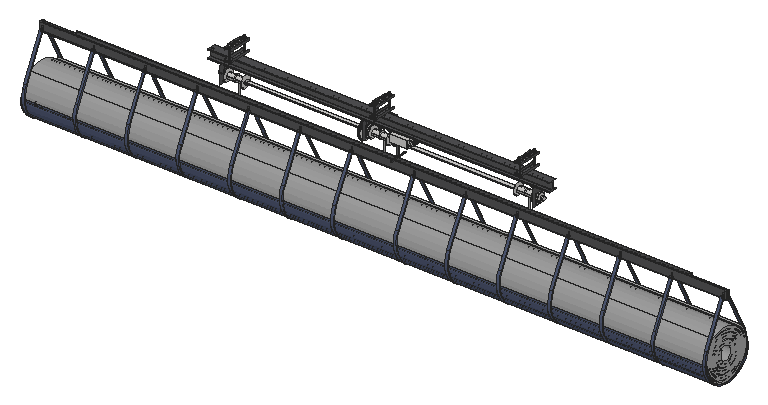
Revit family "Wrestling_Mat_Storage-PSS-4090", category Specialty Equipment, Revit 2017
Family settings
  Round Connector Dimension = Use Diameter
  Part Type = Normal
  OmniClass Number = 23.40.50.34.34
  OmniClass Title = Equipment Storage Racks
  Work Plane-Based = No
  Always vertical = Yes
  Cut with Voids When Loaded = No
  Shared = No
  Room Calculation Point = No
Parameters (values of type "4090 - Single Sling")
  Wall Mounted = no
  URL = "http://www.perfsports.com/"
  Superstructure Finish = Powder Coat - Performance Sports Systems - Black
  Structure Mounted = not(Wall Mounted)  # yes
  Sling Material = Vinyl Coated Fabric - Performance Sports Systems - C04 Royal Blue
  Show Lower Sling = no
  Mat Length = 40' - 0"
  Mat Color = Generic - Wrestling Mat
  Product Page URL = "https://www.perfsports.com/products/stationary-mat-storage-system-40-single-load-bar"
  Model = "4090"
  Manufacturer = "Performance Sports Systems"  # constant formula
  Length = 40' - 2 3/4"
  Description = "Wrestling Mat Storage System"
  Created By = "Revitus"  # constant formula
  Creator URL = "http://www.revituspro.com/"
  BIM Version = "v3.2"
  CSI MasterFormat = "11 66 23"
  Assembly Code = "E1020900"
  Attachment Height [instance] = 24' - 6"
Reference planes (in)
  plane 1 "Centerline of Drive Shaft (Front/Back)": y = 0
  plane 2: z = 0
  plane 3 "Center (Left/Right)": x = 0
  plane 4 "Left": x = -241.375
  plane 5 "Right": x = 241.375
  plane 6: x = -239.375
  plane 7: x = 239.375
  plane 8 "Top of Load Bar": z = 257.875
  plane 9: x = -216.125
  plane 10: x = 216.125
  plane 11 "Centerline of Curtain Roller (Top/Bottom)": z = 271.375
  plane 12 "Bottom of Structure": z = 294
  plane 13 "Bottom of Load Bar": z = 251.875
  plane 14: x = -120
  plane 15: x = 120
  plane 16 "Left Carrier Centerline (Left/Right)": x = -102
  plane 17 "Right Carrier Centerline (Left/Right)": x = 102
  plane 18: y = 3
  plane 19: y = 1
  plane 20 "Drive Shaft - Left": x = -114
  plane 21 "Drive Shaft - Right": x = 114
  plane 22 "Edge of Mat - Left": x = -240
  plane 23 "Edge of Mat - Right": x = 240
  plane 24: z = 199.375
  plane 25 "Centerline of Mat (Top/Bottom)": z = 217.375
  plane 26: z = 259.875
  plane 27: y = 2.25
  plane 28: y = 1.75
  plane 29 "Center (Front/Back)": y = 2
  plane 30 "Back": y = 20
  plane 31 "Front": y = -16
  plane 32: x = -22
  plane 33: z = 175.375
  plane 34: x = -203.14583
  plane 35: x = -166.91667
  plane 36: x = -130.6875
  plane 37: x = -94.45833
  plane 38: x = -58.22917
  plane 39: x = 22
  plane 40: x = 203.14583
  plane 41: x = 166.91667
  plane 42: x = 130.6875
  plane 43: x = 94.45833
  plane 44: x = 58.22917
  plane 45 "Wall Face": y = -30.25
Forms (in)
  Extrusion 1, solid, material "Powder Coat - Performance Sports Systems - Black" <- "Superstructure Finish"
    sketch origin (0, 0, 117) x (0, 1, 0) y (0, 0, 1)
      loop
        arc (3, 140.5) -> (2.89017, 140.76517) -> (2.625, 140.875) r 0.375
        line (2.625, 140.875) -> (1.375, 140.875)
        arc (1.375, 140.875) -> (1.10983, 140.76517) -> (1, 140.5) r 0.375
        line (1, 140.5) -> (1, 135.25)
        arc (1, 135.25) -> (1.10983, 134.98483) -> (1.375, 134.875) r 0.375
        line (1.375, 134.875) -> (2.625, 134.875)
        arc (2.625, 134.875) -> (2.89017, 134.98483) -> (3, 135.25) r 0.375
        line (3, 135.25) -> (3, 140.5)
      loop
        arc (2.8125, 140.5) -> (2.75758, 140.63258) -> (2.625, 140.6875) r 0.1875
        line (2.625, 140.6875) -> (1.375, 140.6875)
        arc (1.375, 140.6875) -> (1.24242, 140.63258) -> (1.1875, 140.5) r 0.1875
        line (1.1875, 140.5) -> (1.1875, 135.25)
        arc (1.1875, 135.25) -> (1.24242, 135.11742) -> (1.375, 135.0625) r 0.1875
        line (1.375, 135.0625) -> (2.625, 135.0625)
        arc (2.625, 135.0625) -> (2.75758, 135.11742) -> (2.8125, 135.25) r 0.1875
        line (2.8125, 135.25) -> (2.8125, 140.5)
    from -241.375 to 241.375
  Extrusion 2, solid, material "Metal - Performance Sports Systems - Gray Steel"
    sketch origin (0, 0, 0) x (0, 1, 0) y (0, 0, 1)
      loop
        circle (0, 271.375) r 1
    from -114 to 114
  Extrusion 3, solid, material "Powder Coat - Performance Sports Systems - Black" <- "Superstructure Finish", detail levels medium+fine
    sketch origin (0, 0, 0) x (0, 1, 0) y (0, 0, 1)
      loop
        line (-3, 285) -> (-3, 284.5625) -> (-0.40625, 284.5625)
        arc (-0.40625, 284.5625) -> (-0.22947, 284.48928) -> (-0.15625, 284.3125) r 0.25
        line (-0.15625, 284.3125) -> (-0.15625, 279.3125)
        arc (-0.15625, 279.3125) -> (-0.22947, 279.13572) -> (-0.40625, 279.0625) r 0.25
        line (-0.40625, 279.0625) -> (-3, 279.0625) -> (-3, 278.625) -> (3, 278.625) -> (3, 279.0625) -> (0.40625, 279.0625)
        arc (0.40625, 279.0625) -> (0.22947, 279.13572) -> (0.15625, 279.3125) r 0.25
        line (0.15625, 279.3125) -> (0.15625, 284.3125)
        arc (0.15625, 284.3125) -> (0.22947, 284.48928) -> (0.40625, 284.5625) r 0.25
        line (0.40625, 284.5625) -> (3, 284.5625) -> (3, 285) -> (-3, 285)
    from -120 to 120
  Extrusion 4, solid, material "Powder Coat - Performance Sports Systems - Black" <- "Superstructure Finish"
    sketch origin (0, 0, 0) x (0, 1, 0) y (0, 0, 1)
      loop
        line (2.25, 257.875) -> (2.25, 259.875) -> (1.75, 259.875) -> (1.75, 257.875) -> (2.25, 257.875)
    from -216.125 to 216.125
  Extrusion 5, solid, material "Generic - Wrestling Mat" <- "Mat Color"
    sketch origin (0, 0, 0) x (0, 1, 0) y (0, 0, 1)
      loop
        arc (-2.24264, 221.61764) -> (2, 211.375) -> (6.24264, 221.61764) r 6
        arc (6.24264, 221.61764) -> (1.5286, 223.97466) -> (-3.65685, 223.03185) r 8.33333
        arc (-3.65685, 223.03185) -> (2, 209.375) -> (7.65685, 223.03185) r 8
        arc (7.65685, 223.03185) -> (1.7971, 225.97427) -> (-4.66009, 224.83443) r 10.42105
        arc (-4.66009, 224.83443) -> (1.71728, 207.379) -> (9.07107, 224.44607) r 10
        arc (9.07107, 224.44607) -> (1.97061, 227.96962) -> (-5.81506, 226.4813) r 12.42105
        arc (-5.81506, 226.4813) -> (1.54315, 205.3837) -> (10.48528, 225.86028) r 12
        arc (10.48528, 225.86028) -> (2.14446, 229.96412) -> (-6.9677, 228.12583) r 14.42105
        arc (-6.9677, 228.12583) -> (1.36892, 203.38923) -> (11.89949, 227.27449) r 14
        arc (11.89949, 227.27449) -> (2.31851, 231.95809) -> (-8.11886, 229.7689) r 16.42105
        arc (-8.11886, 229.7689) -> (1.19463, 201.39528) -> (13.31371, 228.68871) r 16
        arc (13.31371, 228.68871) -> (2.49269, 233.95171) -> (-9.26904, 231.41098) r 18.42105
        arc (-9.26904, 231.41098) -> (1.02029, 199.40168) -> (14.72792, 230.10292) r 18
        line (14.72792, 230.10292) -> (13.84404, 229.21904)
        arc (13.84404, 229.21904) -> (1.12926, 200.64765) -> (-8.55027, 230.38477) r 16.75
        arc (-8.55027, 230.38477) -> (2.38382, 232.70573) -> (12.42983, 227.80483) r 17.17105
        arc (12.42983, 227.80483) -> (1.30357, 202.64145) -> (-7.39952, 228.74212) r 14.75
        arc (-7.39952, 228.74212) -> (2.20971, 230.71191) -> (11.01561, 226.39061) r 15.17105
        arc (11.01561, 226.39061) -> (1.47782, 204.6357) -> (-6.24752, 227.09822) r 12.75
        arc (-6.24752, 227.09822) -> (2.03578, 228.71764) -> (9.6014, 224.9764) r 13.17105
        arc (9.6014, 224.9764) -> (1.65199, 206.63063) -> (-5.09356, 225.45237) r 10.75
        arc (-5.09356, 225.45237) -> (1.86211, 226.72266) -> (8.18718, 223.56218) r 11.17105
        arc (8.18718, 223.56218) -> (1.82605, 208.62673) -> (-3.93634, 223.80324) r 8.75
        arc (-3.93634, 223.80324) -> (1.68894, 224.72649) -> (6.77297, 222.14797) r 9.17105
        arc (6.77297, 222.14797) -> (2, 210.625) -> (-2.77297, 222.14797) r 6.75
        arc (-2.77297, 222.14797) -> (1.51675, 222.72806) -> (5.35876, 220.73376) r 7.17105
        arc (5.35876, 220.73376) -> (2, 212.625) -> (-1.35876, 220.73376) r 4.75
        line (-1.35876, 220.73376) -> (-2.24264, 221.61764)
    from -240 to 240
  Extrusion 6, solid, material "Vinyl Coated Fabric - Performance Sports Systems - C04 Royal Blue" <- "Sling Material"
    sketch origin (0, 0, 0) x (0, 1, 0) y (0, 0, 1)
      loop
        line (-16, 217.375) -> (-16.125, 217.375)
        arc (-16.125, 217.375) -> (2, 199.25) -> (20.125, 217.375) r 18.125
        line (20.125, 217.375) -> (20, 217.375)
        arc (20, 217.375) -> (2, 199.375) -> (-16, 217.375) r 18
    from -241.375 to 241.375
  Extrusion 7, solid, material "Generic - Wrestling Mat" <- "Mat Color", visible <- "Show Lower Sling"
    sketch origin (0, 0, 0) x (0, 1, 0) y (0, 0, 1)
      loop
        arc (-2.24264, 179.61764) -> (2, 169.375) -> (6.24264, 179.61764) r 6
        arc (6.24264, 179.61764) -> (1.5286, 181.97466) -> (-3.65685, 181.03185) r 8.33333
        arc (-3.65685, 181.03185) -> (2, 167.375) -> (7.65685, 181.03185) r 8
        arc (7.65685, 181.03185) -> (1.7971, 183.97427) -> (-4.66009, 182.83443) r 10.42105
        arc (-4.66009, 182.83443) -> (1.71728, 165.379) -> (9.07107, 182.44607) r 10
        arc (9.07107, 182.44607) -> (1.97061, 185.96962) -> (-5.81506, 184.4813) r 12.42105
        arc (-5.81506, 184.4813) -> (1.54315, 163.3837) -> (10.48528, 183.86028) r 12
        arc (10.48528, 183.86028) -> (2.14446, 187.96412) -> (-6.9677, 186.12583) r 14.42105
        arc (-6.9677, 186.12583) -> (1.36892, 161.38923) -> (11.89949, 185.27449) r 14
        arc (11.89949, 185.27449) -> (2.31851, 189.95809) -> (-8.11886, 187.7689) r 16.42105
        arc (-8.11886, 187.7689) -> (1.19463, 159.39528) -> (13.31371, 186.68871) r 16
        arc (13.31371, 186.68871) -> (2.49269, 191.95171) -> (-9.26904, 189.41098) r 18.42105
        arc (-9.26904, 189.41098) -> (1.02029, 157.40168) -> (14.72792, 188.10292) r 18
        line (14.72792, 188.10292) -> (13.84404, 187.21904)
        arc (13.84404, 187.21904) -> (1.12926, 158.64765) -> (-8.55027, 188.38477) r 16.75
        arc (-8.55027, 188.38477) -> (2.38382, 190.70573) -> (12.42983, 185.80483) r 17.17105
        arc (12.42983, 185.80483) -> (1.30357, 160.64145) -> (-7.39952, 186.74212) r 14.75
        arc (-7.39952, 186.74212) -> (2.20971, 188.71191) -> (11.01561, 184.39061) r 15.17105
        arc (11.01561, 184.39061) -> (1.47782, 162.6357) -> (-6.24752, 185.09822) r 12.75
        arc (-6.24752, 185.09822) -> (2.03578, 186.71764) -> (9.6014, 182.9764) r 13.17105
        arc (9.6014, 182.9764) -> (1.65199, 164.63063) -> (-5.09356, 183.45237) r 10.75
        arc (-5.09356, 183.45237) -> (1.86211, 184.72266) -> (8.18718, 181.56218) r 11.17105
        arc (8.18718, 181.56218) -> (1.82605, 166.62673) -> (-3.93634, 181.80324) r 8.75
        arc (-3.93634, 181.80324) -> (1.68894, 182.72649) -> (6.77297, 180.14797) r 9.17105
        arc (6.77297, 180.14797) -> (2, 168.625) -> (-2.77297, 180.14797) r 6.75
        arc (-2.77297, 180.14797) -> (1.51675, 180.72806) -> (5.35876, 178.73376) r 7.17105
        arc (5.35876, 178.73376) -> (2, 170.625) -> (-1.35876, 178.73376) r 4.75
        line (-1.35876, 178.73376) -> (-2.24264, 179.61764)
    from -240 to 240
  Extrusion 8, solid, material "Vinyl Coated Fabric - Performance Sports Systems - C04 Royal Blue" <- "Sling Material", visible <- "Show Lower Sling"
    sketch origin (0, 0, 0) x (0, 1, 0) y (0, 0, 1)
      loop
        line (-16, 175.375) -> (-16.125, 175.375)
        arc (-16.125, 175.375) -> (2, 157.25) -> (20.125, 175.375) r 18.125
        line (20.125, 175.375) -> (20, 175.375)
        arc (20, 175.375) -> (2, 157.375) -> (-16, 175.375) r 18
    from -241.375 to 241.375
  Sweep 9, solid, material "Metal - Performance Sports Systems - Gray Steel"
    path origin (-102, 0, 0) x (0, 0, 1) y (0, -1, 0)
      loop
        line (259.875, -2) -> (271.375, -2)
        arc (271.375, -2) -> (272.78921, 1.41421) -> (269.375, 0) r 2
    profile origin (-102, -1.41421, 272.78921) x (0, 0.707107, -0.707107) y (1, 0, 0)
      loop
        circle (-0.15625, 0) r 0.15625
  Sweep 10, solid, material "Metal - Performance Sports Systems - Gray Steel"
    path origin (102, 0, 0) x (0, 0, 1) y (0, -1, 0)
      loop
        line (259.875, -2) -> (271.375, -2)
        arc (271.375, -2) -> (272.78921, 1.41421) -> (269.375, 0) r 2
    profile origin (102, -1.41421, 272.78921) x (0, -0.707107, 0.707107) y (-1, 0, 0)
      loop
        circle (-0.15625, 0) r 0.15625
  Sweep 11, solid, material "Metal - Performance Sports Systems - Gray Steel"
    path origin (0, 0, 0) x (0, 1, 0) y (0, 0, 1)
      loop
        line (2, 259.875) -> (2, 271.375)
        arc (2, 271.375) -> (-1.41421, 272.78921) -> (0, 269.375) r 2
    profile origin (0, -1.41421, 272.78921) x (0, 0.707107, -0.707107) y (1, 0, 0)
      loop
        circle (-0.15625, 0) r 0.15625
Lines and regions (in)
  symbolic lines, style "SpecialityEquipmentHiddenLines"
    curve 1: line (-241.375, 20, 0) -> (241.375, 20, 0)
    curve 2: line (-241.375, -16, 0) -> (241.375, -16, 0)
    curve 3: line (-241.375, 20, 0) -> (-241.375, -16, 0)
    curve 4: line (241.375, 20, 0) -> (241.375, -16, 0)
  model lines, style "InvisibleLines", not visible
    curve 5: line (0, 0, 259.875) -> (0, 0, 0)
Dimensions and locks (in)
  "Length": plane 4 "Left" to plane 5 "Right"
  locked: plane 4 "Left" to plane 9 at 25.25
  locked: plane 5 "Right" to plane 10 at 25.25
  equal spacing: plane 4 "Left", plane 3 "Center (Left/Right)", plane 5 "Right"
  "Attachment Height": plane 12 "Bottom of Structure" to level
  locked: plane 12 "Bottom of Structure" to plane 11 "Centerline of Curtain Roller (Top/Bottom)" at 22.625
  plane 12 "Bottom of Structure" to Extrusion 3 sketch curve to Extrusion 3 sketch curve = 0' - 9" locked, 0' - 6 3/8" locked
  plane 15 to plane 3 "Center (Left/Right)" to plane 14 = 10' - 0" locked, 10' - 0" locked
  locked: plane 16 "Left Carrier Centerline (Left/Right)" to plane 14 at 18
  locked: plane 17 "Right Carrier Centerline (Left/Right)" to plane 15 at 18
  plane 18 to plane 19 to plane 1 "Centerline of Drive Shaft (Front/Back)" = 0' - 2" locked, 0' - 1" locked
  locked: plane 8 "Top of Load Bar" to plane 13 "Bottom of Load Bar" at 6
  locked: plane 20 "Drive Shaft - Left" to plane 14 at 6
  locked: plane 21 "Drive Shaft - Right" to plane 15 at 6
  equal spacing: plane 22 "Edge of Mat - Left", plane 3 "Center (Left/Right)", plane 23 "Edge of Mat - Right"
  plane 11 "Centerline of Curtain Roller (Top/Bottom)" to plane 24 = 6' - 0"
  locked: plane 25 "Centerline of Mat (Top/Bottom)" to plane 24 at 18
  locked: plane 13 "Bottom of Load Bar" to plane 24 at 52.5
  locked: plane 26 to plane 8 "Top of Load Bar" at 2
  plane 18 to plane 27 to plane 28 = 0' - 0 3/4" locked, 0' - 0 1/2" locked
  locked: plane 6 to plane 4 "Left" at 2
  locked: plane 5 "Right" to plane 7 at 2
  locked: plane 29 "Center (Front/Back)" to plane 1 "Centerline of Drive Shaft (Front/Back)" at 2
  plane 30 "Back" to plane 29 "Center (Front/Back)" to plane 31 "Front" = 1' - 6" locked, 1' - 6" locked
  plane 39 to plane 3 "Center (Left/Right)" to plane 32 = 1' - 10" locked, 1' - 10" locked
  locked: plane 25 "Centerline of Mat (Top/Bottom)" to plane 33 at 42
  equal spacing: plane 32, plane 38, plane 37, plane 36, plane 35, plane 34, plane 6
  equal spacing: plane 39, plane 44, plane 43, plane 42, plane 41, plane 40, plane 7
  "Mat Length": plane 23 "Edge of Mat - Right" to plane 22 "Edge of Mat - Left"
  plane 12 "Bottom of Structure" to plane 24 = 7' - 10 5/8"
  locked: plane 29 "Center (Front/Back)" to plane 45 "Wall Face" at 32.25
  aligned and locked: level to plane 2
  aligned and locked: level to curve 5
  aligned and locked: plane 4 "Left" to curve 3
  aligned and locked: curve 4 to plane 5 "Right"
  aligned and locked: plane 5 "Right" to Extrusion 1
  aligned and locked: plane 4 "Left" to Extrusion 1
  aligned: plane 5 "Right" to Extrusion 2
  aligned: plane 5 "Right" to Extrusion 3
  aligned and locked: plane 11 "Centerline of Curtain Roller (Top/Bottom)" to nested 1
  aligned and locked: plane 1 "Centerline of Drive Shaft (Front/Back)" to nested 1
  aligned and locked: Extrusion 3 to plane 14
  aligned and locked: Extrusion 3 to plane 15
  aligned and locked: plane 16 "Left Carrier Centerline (Left/Right)" to nested 1
  aligned and locked: Extrusion 2 to plane 20 "Drive Shaft - Left"
  aligned and locked: Extrusion 2 to plane 21 "Drive Shaft - Right"
  aligned and locked: nested 2 to plane 11 "Centerline of Curtain Roller (Top/Bottom)"
  aligned and locked: nested 2 to plane 17 "Right Carrier Centerline (Left/Right)"
  aligned and locked: nested 2 to plane 1 "Centerline of Drive Shaft (Front/Back)"
  aligned and locked: plane 11 "Centerline of Curtain Roller (Top/Bottom)" to nested 3
  aligned and locked: plane 3 "Center (Left/Right)" to nested 3
  aligned and locked: plane 1 "Centerline of Drive Shaft (Front/Back)" to nested 3
  aligned and locked: plane 18 to Extrusion 1 sketch curve
  aligned and locked: plane 8 "Top of Load Bar" to Extrusion 1 sketch curve
  aligned and locked: plane 13 "Bottom of Load Bar" to Extrusion 1 sketch curve
  aligned and locked: Extrusion 1 sketch curve to plane 19
  aligned and locked: plane 27 to Extrusion 4 sketch curve
  aligned and locked: plane 28 to Extrusion 4 sketch curve
  aligned and locked: plane 8 "Top of Load Bar" to Extrusion 4 sketch curve
  aligned and locked: plane 26 to Extrusion 4 sketch curve
  aligned and locked: Extrusion 4 to plane 9
  aligned and locked: Extrusion 4 to plane 10
  aligned and locked: Extrusion 5 to plane 22 "Edge of Mat - Left"
  aligned and locked: Extrusion 5 to plane 23 "Edge of Mat - Right"
  aligned and locked: plane 4 "Left" to Extrusion 6
  aligned and locked: plane 5 "Right" to Extrusion 6
  aligned and locked: plane 25 "Centerline of Mat (Top/Bottom)" to Extrusion 6 sketch curve
  aligned and locked: curve 1 to plane 30 "Back"
  aligned and locked: plane 31 "Front" to curve 2
  aligned and locked: plane 25 "Centerline of Mat (Top/Bottom)" to nested 4
  aligned and locked: plane 29 "Center (Front/Back)" to nested 4
  aligned and locked: plane 6 to nested 4
  aligned and locked: Extrusion 8 sketch curve to plane 33  (x2)
  aligned and locked: plane 32 to nested 10
  aligned and locked: plane 38 to nested 9
  aligned and locked: plane 37 to nested 8
  aligned and locked: plane 36 to nested 7
  aligned and locked: plane 35 to nested 6
  aligned and locked: plane 34 to nested 5
  aligned and locked: plane 25 "Centerline of Mat (Top/Bottom)" to nested 5
  aligned and locked: plane 25 "Centerline of Mat (Top/Bottom)" to nested 6
  aligned and locked: plane 25 "Centerline of Mat (Top/Bottom)" to nested 7
  aligned and locked: plane 25 "Centerline of Mat (Top/Bottom)" to nested 8
  aligned and locked: plane 25 "Centerline of Mat (Top/Bottom)" to nested 9
  aligned and locked: plane 25 "Centerline of Mat (Top/Bottom)" to nested 10
  aligned and locked: plane 29 "Center (Front/Back)" to nested 5
  aligned and locked: plane 29 "Center (Front/Back)" to nested 6
  aligned and locked: plane 29 "Center (Front/Back)" to nested 7
  aligned and locked: plane 29 "Center (Front/Back)" to nested 8
  aligned and locked: plane 29 "Center (Front/Back)" to nested 9
  aligned and locked: plane 29 "Center (Front/Back)" to nested 10
  aligned and locked: plane 25 "Centerline of Mat (Top/Bottom)" to nested 11
  aligned and locked: plane 25 "Centerline of Mat (Top/Bottom)" to nested 12
  aligned and locked: plane 25 "Centerline of Mat (Top/Bottom)" to nested 13
  aligned and locked: plane 25 "Centerline of Mat (Top/Bottom)" to nested 14
  aligned and locked: plane 25 "Centerline of Mat (Top/Bottom)" to nested 15
  aligned and locked: plane 25 "Centerline of Mat (Top/Bottom)" to nested 16
  aligned and locked: plane 25 "Centerline of Mat (Top/Bottom)" to nested 17
  aligned and locked: plane 29 "Center (Front/Back)" to nested 11
  aligned and locked: plane 29 "Center (Front/Back)" to nested 12
  aligned and locked: plane 29 "Center (Front/Back)" to nested 13
  aligned and locked: plane 29 "Center (Front/Back)" to nested 14
  aligned and locked: plane 29 "Center (Front/Back)" to nested 15
  aligned and locked: plane 29 "Center (Front/Back)" to nested 16
  aligned and locked: plane 29 "Center (Front/Back)" to nested 17
  aligned and locked: nested 11 to plane 39
  aligned and locked: nested 12 to plane 44
  aligned and locked: nested 13 to plane 43
  aligned and locked: nested 14 to plane 42
  aligned and locked: nested 15 to plane 41
  aligned and locked: nested 16 to plane 40
  aligned and locked: nested 17 to plane 7
  aligned and locked: plane 4 "Left" to Extrusion 8
  aligned and locked: Extrusion 7 to plane 22 "Edge of Mat - Left"
  aligned and locked: plane 5 "Right" to Extrusion 8
  aligned and locked: Extrusion 7 to plane 23 "Edge of Mat - Right"
  aligned and locked: Sweep 9 sketch curve to nested 4
  aligned and locked: plane 26 to Sweep 9 sketch curve
  aligned and locked: Sweep 10 sketch curve to plane 29 "Center (Front/Back)"
  aligned and locked: plane 26 to Sweep 10 sketch curve
  aligned and locked: plane 1 "Centerline of Drive Shaft (Front/Back)" to Sweep 10 sketch curve
  aligned and locked: Sweep 11 sketch curve to plane 29 "Center (Front/Back)"
  aligned and locked: plane 26 to Sweep 11 sketch curve
  aligned and locked: plane 1 "Centerline of Drive Shaft (Front/Back)" to Sweep 11 sketch curve
  aligned and locked: plane 11 "Centerline of Curtain Roller (Top/Bottom)" to nested 18
  aligned and locked: plane 1 "Centerline of Drive Shaft (Front/Back)" to nested 18
  aligned and locked: plane 1 "Centerline of Drive Shaft (Front/Back)" to nested 20
  aligned and locked: plane 1 "Centerline of Drive Shaft (Front/Back)" to nested 19
  aligned and locked: plane 11 "Centerline of Curtain Roller (Top/Bottom)" to nested 20
  aligned and locked: plane 11 "Centerline of Curtain Roller (Top/Bottom)" to nested 19
  aligned and locked: plane 16 "Left Carrier Centerline (Left/Right)" to nested 19
  aligned and locked: plane 3 "Center (Left/Right)" to nested 20
  aligned and locked: nested 18 to plane 17 "Right Carrier Centerline (Left/Right)"
Automatic sketch dimensions
  curve 5 to plane 3 "Center (Left/Right)" = 0' - 0"
  curve 5 to plane 26 = 0' - 0"
  Extrusion 1 sketch curve to Extrusion 1 sketch curve = 0' - 0"  (x8)
  plane 19 to Extrusion 1 sketch curve = 0' - 0 3/16"
  Extrusion 1 sketch curve to Extrusion 1 sketch curve = 0' - 0 3/16"  (x2)
  plane 18 to Extrusion 1 sketch curve = 0' - 0 3/8"  (x2)
  Extrusion 2 sketch curve to plane 1 "Centerline of Drive Shaft (Front/Back)" = 0' - 0"
  Extrusion 2 sketch curve to plane 11 "Centerline of Curtain Roller (Top/Bottom)" = 0' - 0"
  Extrusion 3 sketch curve to plane 18 = 0' - 0"  (x2)
  Extrusion 3 sketch curve to plane 1 "Centerline of Drive Shaft (Front/Back)" = 0' - 0 13/32"  (x2)
  Extrusion 3 sketch curve to plane 1 "Centerline of Drive Shaft (Front/Back)" = 0' - 0 5/32"
  plane 1 "Centerline of Drive Shaft (Front/Back)" to Extrusion 3 sketch curve = 0' - 0 5/32"
  Extrusion 3 sketch curve to Extrusion 3 sketch curve = 0' - 0 1/4"  (x2)
  Extrusion 3 sketch curve to Extrusion 3 sketch curve = 0' - 2 19/32"  (x2)
  Extrusion 3 sketch curve to Extrusion 3 sketch curve = 0' - 0 7/16"  (x2)
  Extrusion 3 sketch curve to Extrusion 3 sketch curve = 0' - 0 11/16"
  Extrusion 3 sketch curve to Extrusion 3 sketch curve = 0' - 0"
  Extrusion 5 sketch curve to Extrusion 5 sketch curve = 0' - 0"  (x304)
  Extrusion 5 sketch curve to plane 25 "Centerline of Mat (Top/Bottom)" = 0' - 0"
  Extrusion 5 sketch curve to plane 29 "Center (Front/Back)" = 0' - 0"
  Extrusion 5 sketch curve to plane 1 "Centerline of Drive Shaft (Front/Back)" = 0' - 0.35008"
  Extrusion 5 sketch curve to Extrusion 5 sketch curve = 0' - 0.06203"
  plane 1 "Centerline of Drive Shaft (Front/Back)" to Extrusion 5 sketch curve = 0' - 1.35876"
  Extrusion 5 sketch curve to Extrusion 5 sketch curve = 0' - 0.88388"  (x4)
  Extrusion 5 sketch curve to Extrusion 5 sketch curve = 0' - 0.53033"  (x4)
  Extrusion 5 sketch curve to Extrusion 5 sketch curve = 0' - 0.27949"
  Extrusion 5 sketch curve to Extrusion 5 sketch curve = 0' - 0.72375"
  Extrusion 5 sketch curve to Extrusion 5 sketch curve = 0' - 0.43347"
  Extrusion 5 sketch curve to Extrusion 5 sketch curve = 0' - 0.7215"
  Extrusion 5 sketch curve to Extrusion 5 sketch curve = 0' - 0.43245"
  Extrusion 5 sketch curve to Extrusion 5 sketch curve = 0' - 0.72018"
  Extrusion 5 sketch curve to Extrusion 5 sketch curve = 0' - 0.43183"
  Extrusion 5 sketch curve to Extrusion 5 sketch curve = 0' - 0.71934"
  Extrusion 5 sketch curve to Extrusion 5 sketch curve = 0' - 0.43141"
  Extrusion 5 sketch curve to Extrusion 5 sketch curve = 0' - 0 23/32"
  Extrusion 5 sketch curve to plane 18 = 0' - 2.35876"
  Extrusion 6 sketch curve to Extrusion 6 sketch curve = 0' - 0"  (x2)
  Extrusion 6 sketch curve to plane 25 "Centerline of Mat (Top/Bottom)" = 0' - 0"
  Extrusion 6 sketch curve to plane 31 "Front" = 0' - 0"
  Extrusion 6 sketch curve to plane 29 "Center (Front/Back)" = 0' - 0"
  Extrusion 6 sketch curve to Extrusion 6 sketch curve = 0' - 0 1/8"
  Extrusion 7 sketch curve to Extrusion 7 sketch curve = 0' - 0"  (x304)
  Extrusion 7 sketch curve to plane 29 "Center (Front/Back)" = 0' - 0"
  Extrusion 7 sketch curve to plane 33 = 0' - 0"
  Extrusion 7 sketch curve to plane 1 "Centerline of Drive Shaft (Front/Back)" = 0' - 0.35008"
  Extrusion 7 sketch curve to Extrusion 7 sketch curve = 0' - 0.06203"
  plane 1 "Centerline of Drive Shaft (Front/Back)" to Extrusion 7 sketch curve = 0' - 1.35876"
  Extrusion 7 sketch curve to Extrusion 7 sketch curve = 0' - 0.88388"  (x4)
  Extrusion 7 sketch curve to Extrusion 7 sketch curve = 0' - 0.53033"  (x4)
  Extrusion 7 sketch curve to Extrusion 7 sketch curve = 0' - 0.27949"
  Extrusion 7 sketch curve to Extrusion 7 sketch curve = 0' - 0.72375"
  Extrusion 7 sketch curve to Extrusion 7 sketch curve = 0' - 0.43347"
  Extrusion 7 sketch curve to Extrusion 7 sketch curve = 0' - 0.7215"
  Extrusion 7 sketch curve to Extrusion 7 sketch curve = 0' - 0.43245"
  Extrusion 7 sketch curve to Extrusion 7 sketch curve = 0' - 0.72018"
  Extrusion 7 sketch curve to Extrusion 7 sketch curve = 0' - 0.43183"
  Extrusion 7 sketch curve to Extrusion 7 sketch curve = 0' - 0.71934"
  Extrusion 7 sketch curve to Extrusion 7 sketch curve = 0' - 0.43141"
  Extrusion 7 sketch curve to Extrusion 7 sketch curve = 0' - 0 23/32"
  Extrusion 7 sketch curve to plane 18 = 0' - 2.35876"
  Extrusion 8 sketch curve to Extrusion 8 sketch curve = 0' - 0"
  Extrusion 8 sketch curve to plane 31 "Front" = 0' - 0"
  Extrusion 8 sketch curve to plane 29 "Center (Front/Back)" = 0' - 0"
  Extrusion 8 sketch curve to Extrusion 8 sketch curve = 0' - 0 1/8"
  Sweep 9 sketch curve to plane 1 "Centerline of Drive Shaft (Front/Back)" = 0' - 0"
  Sweep 9 sketch curve to plane 11 "Centerline of Curtain Roller (Top/Bottom)" = 0' - 0"
  Sweep 9 sketch curve to plane 16 "Left Carrier Centerline (Left/Right)" = 0' - 0"
  profile plane to Sweep 9 sketch curve = 0' - 0 5/32"
  Sweep 10 sketch curve to plane 11 "Centerline of Curtain Roller (Top/Bottom)" = 0' - 0"
  Sweep 10 sketch curve to plane 17 "Right Carrier Centerline (Left/Right)" = 0' - 0"
  profile plane to Sweep 10 sketch curve = 0' - 0 5/32"
  Sweep 11 sketch curve to profile plane = 0' - 0"
  profile plane to Sweep 11 sketch curve = 0' - 0 5/32"
  Sweep 11 sketch curve to plane 11 "Centerline of Curtain Roller (Top/Bottom)" = 0' - 0"
  radius of Extrusion 2 sketch curve = 0' - 1"
  radius of Sweep 9 sketch curve = 0' - 0 5/32"
  radius of Sweep 10 sketch curve = 0' - 0 5/32"
  radius of Sweep 11 sketch curve = 0' - 0 5/32"
Nested families (in)
  nested 1: "Wrestling_Mat_Storage-Carrier-PSS" at (-102, 0, 271.375), type "Wrestling_Mat_Storage-Carrier-PSS"
    with Structure Mounted yes
  nested 2: "Wrestling_Mat_Storage-Carrier-PSS" at (102, 0, 271.375) x (-1, 0, 0) z (0, 0, 1), type "Wrestling_Mat_Storage-Carrier-PSS"
    with Structure Mounted yes
  nested 3: "Wrestling_Mat_Storage-Hoist-PSS" at (0, 0, 271.375), type "Wrestling_Mat_Storage-Hoist-PSS"
  nested 4: "Wrestling_Mat_Storage-Sling_Strap-PSS-4090" at (-239.375, 2, 217.375), type "Wrestling_Mat_Storage-Sling_Strap-PSS-4090"
    with Show Lower Sling no
  nested 5: "Wrestling_Mat_Storage-Sling_Strap-PSS-4090" at (-203.14583, 2, 217.375), type "Wrestling_Mat_Storage-Sling_Strap-PSS-4090"
    with Show Lower Sling no
  nested 6: "Wrestling_Mat_Storage-Sling_Strap-PSS-4090" at (-166.91667, 2, 217.375), type "Wrestling_Mat_Storage-Sling_Strap-PSS-4090"
    with Show Lower Sling no
  nested 7: "Wrestling_Mat_Storage-Sling_Strap-PSS-4090" at (-130.6875, 2, 217.375), type "Wrestling_Mat_Storage-Sling_Strap-PSS-4090"
    with Show Lower Sling no
  nested 8: "Wrestling_Mat_Storage-Sling_Strap-PSS-4090" at (-94.45833, 2, 217.375), type "Wrestling_Mat_Storage-Sling_Strap-PSS-4090"
    with Show Lower Sling no
  nested 9: "Wrestling_Mat_Storage-Sling_Strap-PSS-4090" at (-58.22917, 2, 217.375), type "Wrestling_Mat_Storage-Sling_Strap-PSS-4090"
    with Show Lower Sling no
  nested 10: "Wrestling_Mat_Storage-Sling_Strap-PSS-4090" at (-22, 2, 217.375), type "Wrestling_Mat_Storage-Sling_Strap-PSS-4090"
    with Show Lower Sling no
  nested 11: "Wrestling_Mat_Storage-Sling_Strap-PSS-4090" at (22, 2, 217.375), type "Wrestling_Mat_Storage-Sling_Strap-PSS-4090"
    with Show Lower Sling no
  nested 12: "Wrestling_Mat_Storage-Sling_Strap-PSS-4090" at (58.22917, 2, 217.375), type "Wrestling_Mat_Storage-Sling_Strap-PSS-4090"
    with Show Lower Sling no
  nested 13: "Wrestling_Mat_Storage-Sling_Strap-PSS-4090" at (94.45833, 2, 217.375), type "Wrestling_Mat_Storage-Sling_Strap-PSS-4090"
    with Show Lower Sling no
  nested 14: "Wrestling_Mat_Storage-Sling_Strap-PSS-4090" at (130.6875, 2, 217.375), type "Wrestling_Mat_Storage-Sling_Strap-PSS-4090"
    with Show Lower Sling no
  nested 15: "Wrestling_Mat_Storage-Sling_Strap-PSS-4090" at (166.91667, 2, 217.375), type "Wrestling_Mat_Storage-Sling_Strap-PSS-4090"
    with Show Lower Sling no
  nested 16: "Wrestling_Mat_Storage-Sling_Strap-PSS-4090" at (203.14583, 2, 217.375), type "Wrestling_Mat_Storage-Sling_Strap-PSS-4090"
    with Show Lower Sling no
  nested 17: "Wrestling_Mat_Storage-Sling_Strap-PSS-4090" at (239.375, 2, 217.375), type "Wrestling_Mat_Storage-Sling_Strap-PSS-4090"
    with Show Lower Sling no
  nested 18: "Wrestling_Mat_Wall_Mount_Bracket-PSS" at (102, 0, 271.375), visible <- "Wall Mounted", type "Wrestling_Mat_Wall_Mount_Bracket-PSS"
  nested 19: "Wrestling_Mat_Wall_Mount_Bracket-PSS" at (-102, 0, 271.375), visible <- "Wall Mounted", type "Wrestling_Mat_Wall_Mount_Bracket-PSS"
  nested 20: "Wrestling_Mat_Wall_Mount_Bracket-PSS" at (0, 0, 271.375), visible <- "Wall Mounted", type "Wrestling_Mat_Wall_Mount_Bracket-PSS"
Definition of nested family "Wrestling_Mat_Storage-Carrier-PSS"
  Parameters (values of type "Wrestling_Mat_Storage-Carrier-PSS")
    URL = "http://www.perfsports.com/"
    Superstructure Finish = none
    Structure Mounted = no
    Manufacturer = "Performance Sports Systems"  # constant formula
    Description = "Fastener for Attaching Wrestling Mat Storage to Structure"
    Default Elevation = 4' - 0"
    Created By = "Revitus"  # constant formula
    Creator URL = "http://www.revituspro.com/"
    Assembly Code = ""
  Reference planes (in)
    plane 1 "Center (Front/Back)": y = 0
    plane 2: z = 0
    plane 3 "Center (Left/Right)": x = 0
    plane 4: z = 22.625
  Forms (in)
    Extrusion 1, solid, material <- "Superstructure Finish", detail levels medium+fine
      sketch origin (0, 1.75, 13.625) x (1, 0, 0) y (0, 1, 0)
        loop
          line (-1.36028, 6.25) -> (-1.36028, -9.75) -> (1.36028, -9.75) -> (1.36028, 6.25) -> (-1.36028, 6.25)
        loop
          circle (0, 4.75) r 0.21875
        loop
          circle (0, -8.25) r 0.21875
        loop
          circle (0, 1.75) r 0.21875
        loop
          circle (0, -5.25) r 0.21875
      from 0 to 0.1875
    Extrusion 2, solid, material <- "Superstructure Finish", detail levels medium+fine
      sketch origin (0, 1.75, 13.625) x (1, 0, 0) y (0, 0, 1)
        loop
          line (2, 0) -> (2, 1.5625) -> (1.91739, 1.5625)
          arc (1.91739, 1.5625) -> (1.83704, 1.53326) -> (1.79429, 1.45921) r 0.125
          line (1.79429, 1.45921) -> (1.60648, 0.39409)
          arc (1.60648, 0.39409) -> (1.52097, 0.24599) -> (1.36028, 0.1875) r 0.25
          line (1.36028, 0.1875) -> (1.36028, 0) -> (2, 0)
        loop
          line (-2, 0) -> (-1.36028, 0) -> (-1.36028, 0.1875)
          arc (-1.36028, 0.1875) -> (-1.52097, 0.24599) -> (-1.60648, 0.39409) r 0.25
          line (-1.60648, 0.39409) -> (-1.79429, 1.45921)
          arc (-1.79429, 1.45921) -> (-1.83704, 1.53326) -> (-1.91739, 1.5625) r 0.125
          line (-1.91739, 1.5625) -> (-2, 1.5625) -> (-2, 0)
      from -6.25 to 9.75
    Extrusion 3, solid, detail levels medium+fine
      sketch origin (0, 0, 0) x (1, 0, 0) y (0, 1, 0)
        loop
          circle (0, -6.5) r 0.1875
        loop
          circle (0, 6.5) r 0.1875
      from 12.125 to 24.125
    Extrusion 4, solid, visible <- "Structure Mounted", detail levels fine
      sketch origin (0, 0, 11.625) x (0, -1, 0) y (1, 0, 0)
        loop
          circle (-6.5, 0) r 0.1875
        loop
          line (-6.78125, 0.16238) -> (-6.78125, -0.16238) -> (-6.5, -0.32476) -> (-6.21875, -0.16238) -> (-6.21875, 0.16238) -> (-6.5, 0.32476) -> (-6.78125, 0.16238)
        loop
          circle (6.5, 0) r 0.1875
        loop
          line (6.78125, 0.16238) -> (6.5, 0.32476) -> (6.21875, 0.16238) -> (6.21875, -0.16238) -> (6.5, -0.32476) -> (6.78125, -0.16238) -> (6.78125, 0.16238)
      from 11 to 11.25
    Extrusion 5, solid, detail levels fine
      sketch origin (0, 0, 2.375) x (0, -1, 0) y (1, 0, 0)
        loop
          circle (-6.5, 0) r 0.1875
        loop
          line (-6.78125, 0.16238) -> (-6.78125, -0.16238) -> (-6.5, -0.32476) -> (-6.21875, -0.16238) -> (-6.21875, 0.16238) -> (-6.5, 0.32476) -> (-6.78125, 0.16238)
        loop
          circle (6.5, 0) r 0.1875
        loop
          line (6.78125, 0.16238) -> (6.5, 0.32476) -> (6.21875, 0.16238) -> (6.21875, -0.16238) -> (6.5, -0.32476) -> (6.78125, -0.16238) -> (6.78125, 0.16238)
      from 11 to 11.25
    Extrusion 6, solid, detail levels fine
      sketch origin (0, 0, 2.8125) x (0, -1, 0) y (1, 0, 0)
        loop
          circle (-6.5, 0) r 0.1875
        loop
          line (-6.78125, 0.16238) -> (-6.78125, -0.16238) -> (-6.5, -0.32476) -> (-6.21875, -0.16238) -> (-6.21875, 0.16238) -> (-6.5, 0.32476) -> (-6.78125, 0.16238)
        loop
          circle (6.5, 0) r 0.1875
        loop
          line (6.78125, 0.16238) -> (6.5, 0.32476) -> (6.21875, 0.16238) -> (6.21875, -0.16238) -> (6.5, -0.32476) -> (6.78125, -0.16238) -> (6.78125, 0.16238)
      from 11 to 11.25
    Extrusion 7, solid, visible <- "Structure Mounted", detail levels fine
      sketch origin (0, 0, 11.1875) x (0, -1, 0) y (1, 0, 0)
        loop
          circle (-6.5, 0) r 0.1875
        loop
          line (-6.78125, 0.16238) -> (-6.78125, -0.16238) -> (-6.5, -0.32476) -> (-6.21875, -0.16238) -> (-6.21875, 0.16238) -> (-6.5, 0.32476) -> (-6.78125, 0.16238)
        loop
          circle (6.5, 0) r 0.1875
        loop
          line (6.78125, 0.16238) -> (6.5, 0.32476) -> (6.21875, 0.16238) -> (6.21875, -0.16238) -> (6.5, -0.32476) -> (6.78125, -0.16238) -> (6.78125, 0.16238)
      from 11 to 11.25
    Extrusion 8, solid, material <- "Superstructure Finish", visible <- "Structure Mounted", detail levels medium+fine
      sketch origin (0, 25, 13.125) x (0, -1, 0) y (1, 0, 0)
        loop
          line (24.5, 2.25) -> (19.5, 2.25) -> (19.5, -2.25) -> (24.5, -2.25) -> (24.5, 2.25)
        loop
          circle (23.25, 0) r 0.1875
        loop
          circle (21.5, 0) r 0.21875
        loop
          circle (20.375, -1.5) r 0.1875
        loop
          circle (20.375, 1.5) r 0.1875
        loop
          line (25.5, 2.25) -> (25.5, -2.25) -> (30.5, -2.25) -> (30.5, 2.25) -> (25.5, 2.25)
        loop
          circle (26.75, 0) r 0.1875
        loop
          circle (28.5, 0) r 0.21875
        loop
          circle (29.625, -1.5) r 0.1875
        loop
          circle (29.625, 1.5) r 0.1875
      from 9.75 to 10
    Extrusion 9, solid, visible <- "Structure Mounted", detail levels fine
      sketch origin (-1, 22.59375, 12.125) x (0, -1, 0) y (1, 0, 0)
        loop
          line (18.13113, -0.78125) -> (18.29351, -0.5) -> (18.13113, -0.21875) -> (17.80637, -0.21875) -> (17.64399, -0.5) -> (17.80637, -0.78125) -> (18.13113, -0.78125)
        loop
          line (18.13113, 2.21875) -> (18.29351, 2.5) -> (18.13113, 2.78125) -> (17.80637, 2.78125) -> (17.64399, 2.5) -> (17.80637, 2.21875) -> (18.13113, 2.21875)
        loop
          line (21.00613, 0.71875) -> (21.16851, 1) -> (21.00613, 1.28125) -> (20.68137, 1.28125) -> (20.51899, 1) -> (20.68137, 0.71875) -> (21.00613, 0.71875)
        loop
          line (24.50613, 0.71875) -> (24.66851, 1) -> (24.50613, 1.28125) -> (24.18137, 1.28125) -> (24.01899, 1) -> (24.18137, 0.71875) -> (24.50613, 0.71875)
        loop
          line (27.38113, -0.78125) -> (27.54351, -0.5) -> (27.38113, -0.21875) -> (27.05637, -0.21875) -> (26.89399, -0.5) -> (27.05637, -0.78125) -> (27.38113, -0.78125)
        loop
          line (27.38113, 2.21875) -> (27.54351, 2.5) -> (27.38113, 2.78125) -> (27.05637, 2.78125) -> (26.89399, 2.5) -> (27.05637, 2.21875) -> (27.38113, 2.21875)
        loop
          line (25.75, 0.80154) -> (26.09375, 0.60307) -> (26.4375, 0.80154) -> (26.4375, 1.19846) -> (26.09375, 1.39693) -> (25.75, 1.19846) -> (25.75, 0.80154)
        loop
          line (19.4375, 0.80154) -> (19.4375, 1.19846) -> (19.09375, 1.39693) -> (18.75, 1.19846) -> (18.75, 0.80154) -> (19.09375, 0.60307) -> (19.4375, 0.80154)
      from 11 to 11.25
    Extrusion 10, solid, material <- "Superstructure Finish", visible <- "Structure Mounted", detail levels medium+fine
      sketch origin (0, 1.75, 22.625) x (0, -1, 0) y (1, 0, 0)
        loop
          line (-6.25, -1.36028) -> (9.75, -1.36028) -> (9.75, 1.36028) -> (-6.25, 1.36028) -> (-6.25, -1.36028)
        loop
          circle (-4.75, 0) r 0.21875
        loop
          circle (8.25, 0) r 0.21875
        loop
          circle (-1.75, 0) r 0.21875
        loop
          circle (5.25, 0) r 0.21875
      from 0 to -0.1875
    Extrusion 11, solid, material <- "Superstructure Finish", visible <- "Structure Mounted", detail levels medium+fine
      sketch origin (0, 1.75, 22.625) x (1, 0, 0) y (0, 0, 1)
        loop
          line (2, 0) -> (1.36028, 0) -> (1.36028, -0.1875)
          arc (1.36028, -0.1875) -> (1.52097, -0.24599) -> (1.60648, -0.39409) r 0.25
          line (1.60648, -0.39409) -> (1.79429, -1.45921)
          arc (1.79429, -1.45921) -> (1.83704, -1.53326) -> (1.91739, -1.5625) r 0.125
          line (1.91739, -1.5625) -> (2, -1.5625) -> (2, 0)
        loop
          line (-2, 0) -> (-2, -1.5625) -> (-1.91739, -1.5625)
          arc (-1.91739, -1.5625) -> (-1.83704, -1.53326) -> (-1.79429, -1.45921) r 0.125
          line (-1.79429, -1.45921) -> (-1.60648, -0.39409)
          arc (-1.60648, -0.39409) -> (-1.52097, -0.24599) -> (-1.36028, -0.1875) r 0.25
          line (-1.36028, -0.1875) -> (-1.36028, 0) -> (-2, 0)
      from -6.25 to 9.75
    Extrusion 12, solid, visible <- "Structure Mounted", detail levels fine
      sketch origin (0, 0, 0) x (1, 0, 0) y (0, 1, 0)
        loop
          circle (0, -3.5) r 0.21875
        loop
          circle (0, 3.5) r 0.21875
      from 21.625 to 23.125
    Extrusion 13, solid, visible <- "Structure Mounted", detail levels fine
      sketch origin (0, 0, 0) x (1, 0, 0) y (0, 1, 0)
        loop
          circle (-1.5, 4.625) r 0.1875
        loop
          circle (1.5, 4.625) r 0.1875
        loop
          circle (0, 1.75) r 0.1875
        loop
          circle (0, -1.75) r 0.1875
        loop
          circle (-1.5, -4.625) r 0.1875
        loop
          circle (1.5, -4.625) r 0.1875
      from 22.625 to 23.125
    Extrusion 14, solid, detail levels medium+fine
      sketch origin (-4.8125, 0, -284.25) x (0, 1, 0) y (0, 0, -1)
        loop
          circle (0, -284.25) r 3.875
        loop
          circle (0, -284.25) r 1
      from 1.1875 to 1.375
    Extrusion 15, solid, detail levels medium+fine
      sketch origin (4.8125, 0, -284.25) x (0, 1, 0) y (0, 0, 1)
        loop
          circle (0, 284.25) r 3.875
        loop
          circle (0, 284.25) r 1
      from 1.1875 to 1.375
    Extrusion 16, solid, detail levels medium+fine
      sketch origin (0, 0, -284.25) x (0, 1, 0) y (0, 0, 1)
        loop
          circle (0, 284.25) r 2
        loop
          circle (0, 284.25) r 1.75
      from -6 to 6
    Extrusion 17, solid, detail levels medium+fine
      sketch origin (4.8125, 0, -284.25) x (0, 1, 0) y (0, 0, 1)
        loop
          circle (0, 284.25) r 1
        loop
          circle (0, 284.25) r 1.5
      from 1.375 to 2.375
    Extrusion 18, solid, detail levels medium+fine
      sketch origin (-4.8125, 0, -284.25) x (0, 1, 0) y (0, 0, -1)
        loop
          circle (0, -284.25) r 1
        loop
          circle (0, -284.25) r 1.5
      from 1.375 to 2.375
    Extrusion 19, solid, material <- "Superstructure Finish", detail levels medium+fine
      sketch origin (-0.5, 0, -6.375) x (0, 1, 0) y (0, 0, -1)
        loop
          line (5, -13.625) -> (5, -1.625) -> (-5, -1.625) -> (-5, -13.625) -> (5, -13.625)
        loop
          circle (2.5625, -8.9375) r 0.25
        loop
          circle (-2.5625, -8.9375) r 0.25
        loop
          circle (2.5625, -3.8125) r 0.25
        loop
          circle (-2.5625, -3.8125) r 0.25
        loop
          circle (0, -6.375) r 1
      from 7.1875 to 7.5625
    Extrusion 20, solid, detail levels medium+fine
      sketch origin (0, 0, 0) x (0, 1, 0) y (0, 0, 1)
        loop
          line (2.5625, 3.1875) -> (-2.5625, 3.1875)
          arc (-2.5625, 3.1875) -> (-3.00444, 3.00444) -> (-3.1875, 2.5625) r 0.625
          line (-3.1875, 2.5625) -> (-3.1875, -2.5625)
          arc (-3.1875, -2.5625) -> (-3.00444, -3.00444) -> (-2.5625, -3.1875) r 0.625
          line (-2.5625, -3.1875) -> (2.5625, -3.1875)
          arc (2.5625, -3.1875) -> (3.00444, -3.00444) -> (3.1875, -2.5625) r 0.625
          line (3.1875, -2.5625) -> (3.1875, 2.5625)
          arc (3.1875, 2.5625) -> (3.00444, 3.00444) -> (2.5625, 3.1875) r 0.625
        loop
          circle (0, 0) r 1
        loop
          circle (2.5625, 2.5625) r 0.25
        loop
          circle (-2.5625, 2.5625) r 0.25
        loop
          circle (-2.5625, -2.5625) r 0.25
        loop
          circle (2.5625, -2.5625) r 0.25
      from -8.6875 to -8.0625
    Extrusion 21, solid, detail levels medium+fine
      sketch origin (0, 0, 0) x (0, 1, 0) y (0, 0, 1)
        loop
          line (2.24472, 1.36083) -> (3.00444, 2.12056)
          arc (3.00444, 2.12056) -> (3.00444, 3.00444) -> (2.12056, 3.00444) r 0.625
          line (2.12056, 3.00444) -> (1.36083, 2.24472)
          arc (1.36083, 2.24472) -> (1.85616, 1.85616) -> (2.24472, 1.36083) r 2.625
        loop
          circle (2.5625, 2.5625) r 0.25
        loop
          arc (-2.24472, 1.36083) -> (-1.85616, 1.85616) -> (-1.36083, 2.24472) r 2.625
          line (-1.36083, 2.24472) -> (-2.12056, 3.00444)
          arc (-2.12056, 3.00444) -> (-3.00444, 3.00444) -> (-3.00444, 2.12056) r 0.625
          line (-3.00444, 2.12056) -> (-2.24472, 1.36083)
        loop
          circle (-2.5625, 2.5625) r 0.25
        loop
          arc (2.24472, -1.36083) -> (1.85616, -1.85616) -> (1.36083, -2.24472) r 2.625
          line (1.36083, -2.24472) -> (2.12056, -3.00444)
          arc (2.12056, -3.00444) -> (3.00444, -3.00444) -> (3.00444, -2.12056) r 0.625
          line (3.00444, -2.12056) -> (2.24472, -1.36083)
        loop
          circle (2.5625, -2.5625) r 0.25
        loop
          line (-2.24472, -1.36083) -> (-3.00444, -2.12056)
          arc (-3.00444, -2.12056) -> (-3.00444, -3.00444) -> (-2.12056, -3.00444) r 0.625
          line (-2.12056, -3.00444) -> (-1.36083, -2.24472)
          arc (-1.36083, -2.24472) -> (-1.85616, -1.85616) -> (-2.24472, -1.36083) r 2.625
        loop
          circle (-2.5625, -2.5625) r 0.25
      from -8.875 to -8.6875
    Extrusion 22, solid, detail levels medium+fine
      sketch origin (0, 0, 0) x (0, 1, 0) y (0, 0, 1)
        loop
          circle (0, 0) r 2.625
        loop
          circle (0, 0) r 1.25
      from -9.8125 to -8.6875
    Extrusion 23, solid, detail levels medium+fine
      sketch origin (0, 0, 0) x (0, 1, 0) y (0, 0, 1)
        loop
          circle (0, 0) r 1
        loop
          circle (0, 0) r 1.25
      from -10.375 to -8.0625
    Extrusion 24, solid, material <- "Superstructure Finish", detail levels medium+fine
      sketch origin (0, 1.90625, 0) x (1, 0, 0) y (0, 0, -1)
        loop
          line (-7.6875, -7.25) -> (-3.6875, -7.25) -> (-7.6875, -3.25) -> (-7.6875, -7.25)
      from 0 to 0.25
    Extrusion 25, solid, material <- "Superstructure Finish", detail levels medium+fine
      sketch origin (0, -1.90625, 0) x (1, 0, 0) y (0, 0, 1)
        loop
          line (-7.6875, 7.25) -> (-7.6875, 3.25) -> (-3.6875, 7.25) -> (-7.6875, 7.25)
      from 0 to 0.25
    Extrusion 26, solid, detail levels fine
      sketch origin (0, 0, 0) x (0, 1, 0) y (0, 0, 1)
        loop
          line (2.76096, 2.21875) -> (2.95943, 2.5625) -> (2.76096, 2.90625) -> (2.36404, 2.90625) -> (2.16557, 2.5625) -> (2.36404, 2.21875) -> (2.76096, 2.21875)
        loop
          line (-2.76096, 2.21875) -> (-2.36404, 2.21875) -> (-2.16557, 2.5625) -> (-2.36404, 2.90625) -> (-2.76096, 2.90625) -> (-2.95943, 2.5625) -> (-2.76096, 2.21875)
        loop
          line (2.76096, -2.21875) -> (2.36404, -2.21875) -> (2.16557, -2.5625) -> (2.36404, -2.90625) -> (2.76096, -2.90625) -> (2.95943, -2.5625) -> (2.76096, -2.21875)
        loop
          line (-2.76096, -2.21875) -> (-2.95943, -2.5625) -> (-2.76096, -2.90625) -> (-2.36404, -2.90625) -> (-2.16557, -2.5625) -> (-2.36404, -2.21875) -> (-2.76096, -2.21875)
      from -9.3125 to -8.875
    Extrusion 27, solid, detail levels fine
      sketch origin (-16.5625, 0, 0) x (0, 1, 0) y (0, 0, -1)
        loop
          line (2.76096, -2.21875) -> (2.36404, -2.21875) -> (2.16557, -2.5625) -> (2.36404, -2.90625) -> (2.76096, -2.90625) -> (2.95943, -2.5625) -> (2.76096, -2.21875)
        loop
          line (-2.76096, -2.21875) -> (-2.95943, -2.5625) -> (-2.76096, -2.90625) -> (-2.36404, -2.90625) -> (-2.16557, -2.5625) -> (-2.36404, -2.21875) -> (-2.76096, -2.21875)
        loop
          line (2.76096, 2.21875) -> (2.95943, 2.5625) -> (2.76096, 2.90625) -> (2.36404, 2.90625) -> (2.16557, 2.5625) -> (2.36404, 2.21875) -> (2.76096, 2.21875)
        loop
          line (-2.76096, 2.21875) -> (-2.36404, 2.21875) -> (-2.16557, 2.5625) -> (-2.36404, 2.90625) -> (-2.76096, 2.90625) -> (-2.95943, 2.5625) -> (-2.76096, 2.21875)
      from -9.3125 to -8.875
  Cuts and joins
    joined: Extrusion 1, Extrusion 2
    joined: Extrusion 10, Extrusion 11
    joined: Extrusion 20, Extrusion 21, Extrusion 22, Extrusion 23
  Dimensions and locks (in)
    plane 1 "Center (Front/Back)" to Extrusion 1 sketch curve = 0' - 8"
    plane 4 to level = 1' - 10 5/8"
    level to cut or joined group of Extrusion 1, Extrusion 2 to cut or joined group of Extrusion 10, Extrusion 11 = 1' - 1 5/8", 0' - 9"
    aligned and locked: level to plane 2
    aligned: plane 4 to Extrusion 3
Definition of nested family "Wrestling_Mat_Storage-Hoist-PSS"
  Parameters (values of type "Wrestling_Mat_Storage-Hoist-PSS")
    URL = "http://www.perfsports.com/"
    Superstructure Finish = none
    Structure Mounted = yes
    Manufacturer = "Performance Sports Systems"  # constant formula
    Description = "Fastener for Attaching Wrestling Mat Storage to Structure"
    Default Elevation = 4' - 0"
    Created By = "Revitus"  # constant formula
    Creator URL = "http://www.revituspro.com/"
    Assembly Code = ""
  Reference planes (in)
    plane 1 "Center (Front/Back)": y = 0
    plane 2: z = 0
    plane 3 "Center (Left/Right)": x = 0
  Forms (in)
    Extrusion 1, solid, material <- "Superstructure Finish", detail levels medium+fine
      sketch origin (0, 1.75, 13.625) x (1, 0, 0) y (0, 1, 0)
        loop
          line (-1.36028, 6.25) -> (-1.36028, -9.75) -> (1.36028, -9.75) -> (1.36028, 6.25) -> (-1.36028, 6.25)
        loop
          circle (0, 4.75) r 0.21875
        loop
          circle (0, -8.25) r 0.21875
        loop
          circle (0, 1.75) r 0.21875
        loop
          circle (0, -5.25) r 0.21875
      from 0 to 0.1875
    Extrusion 2, solid, material <- "Superstructure Finish", detail levels medium+fine
      sketch origin (0, 1.75, 13.625) x (1, 0, 0) y (0, 0, 1)
        loop
          line (2, 0) -> (2, 1.5625) -> (1.91739, 1.5625)
          arc (1.91739, 1.5625) -> (1.83704, 1.53326) -> (1.79429, 1.45921) r 0.125
          line (1.79429, 1.45921) -> (1.60648, 0.39409)
          arc (1.60648, 0.39409) -> (1.52097, 0.24599) -> (1.36028, 0.1875) r 0.25
          line (1.36028, 0.1875) -> (1.36028, 0) -> (2, 0)
        loop
          line (-2, 0) -> (-1.36028, 0) -> (-1.36028, 0.1875)
          arc (-1.36028, 0.1875) -> (-1.52097, 0.24599) -> (-1.60648, 0.39409) r 0.25
          line (-1.60648, 0.39409) -> (-1.79429, 1.45921)
          arc (-1.79429, 1.45921) -> (-1.83704, 1.53326) -> (-1.91739, 1.5625) r 0.125
          line (-1.91739, 1.5625) -> (-2, 1.5625) -> (-2, 0)
      from -6.25 to 9.75
    Extrusion 3, solid, detail levels medium+fine
      sketch origin (0, 0, 0) x (1, 0, 0) y (0, 1, 0)
        loop
          circle (0, -6.5) r 0.1875
        loop
          circle (0, 6.5) r 0.1875
      from 12.125 to 24.125
    Extrusion 4, solid, detail levels fine
      sketch origin (0, 0, -3.25) x (0, -1, 0) y (1, 0, 0)
        loop
          circle (-10.0625, -7.875) r 0.25
        loop
          line (-10.46875, -7.64045) -> (-10.46875, -8.10955) -> (-10.0625, -8.3441) -> (-9.65625, -8.10955) -> (-9.65625, -7.64045) -> (-10.0625, -7.4059) -> (-10.46875, -7.64045)
        loop
          circle (-10.0625, -1.375) r 0.25
        loop
          line (-10.46875, -1.14045) -> (-10.46875, -1.60955) -> (-10.0625, -1.8441) -> (-9.65625, -1.60955) -> (-9.65625, -1.14045) -> (-10.0625, -0.9059) -> (-10.46875, -1.14045)
        loop
          circle (-5.1875, -7.875) r 0.25
        loop
          line (-5.59375, -7.64045) -> (-5.59375, -8.10955) -> (-5.1875, -8.3441) -> (-4.78125, -8.10955) -> (-4.78125, -7.64045) -> (-5.1875, -7.4059) -> (-5.59375, -7.64045)
        loop
          circle (-5.1875, -1.375) r 0.25
        loop
          line (-5.59375, -1.14045) -> (-5.59375, -1.60955) -> (-5.1875, -1.8441) -> (-4.78125, -1.60955) -> (-4.78125, -1.14045) -> (-5.1875, -0.9059) -> (-5.59375, -1.14045)
      from 11 to 11.25
    Extrusion 5, solid, detail levels fine
      sketch origin (0, 0, 2.375) x (0, -1, 0) y (1, 0, 0)
        loop
          circle (-6.5, 0) r 0.1875
        loop
          line (-6.78125, 0.16238) -> (-6.78125, -0.16238) -> (-6.5, -0.32476) -> (-6.21875, -0.16238) -> (-6.21875, 0.16238) -> (-6.5, 0.32476) -> (-6.78125, 0.16238)
        loop
          circle (6.5, 0) r 0.1875
        loop
          line (6.78125, 0.16238) -> (6.5, 0.32476) -> (6.21875, 0.16238) -> (6.21875, -0.16238) -> (6.5, -0.32476) -> (6.78125, -0.16238) -> (6.78125, 0.16238)
      from 11 to 11.25
    Extrusion 6, solid, detail levels fine
      sketch origin (0, 0, 2.8125) x (0, -1, 0) y (1, 0, 0)
        loop
          circle (-6.5, 0) r 0.1875
        loop
          line (-6.78125, 0.16238) -> (-6.78125, -0.16238) -> (-6.5, -0.32476) -> (-6.21875, -0.16238) -> (-6.21875, 0.16238) -> (-6.5, 0.32476) -> (-6.78125, 0.16238)
        loop
          circle (6.5, 0) r 0.1875
        loop
          line (6.78125, 0.16238) -> (6.5, 0.32476) -> (6.21875, 0.16238) -> (6.21875, -0.16238) -> (6.5, -0.32476) -> (6.78125, -0.16238) -> (6.78125, 0.16238)
      from 11 to 11.25
    Extrusion 7, solid, visible <- "Structure Mounted", detail levels fine
      sketch origin (0, 0, 11.1875) x (0, -1, 0) y (1, 0, 0)
        loop
          circle (-6.5, 0) r 0.1875
        loop
          line (-6.78125, 0.16238) -> (-6.78125, -0.16238) -> (-6.5, -0.32476) -> (-6.21875, -0.16238) -> (-6.21875, 0.16238) -> (-6.5, 0.32476) -> (-6.78125, 0.16238)
        loop
          circle (6.5, 0) r 0.1875
        loop
          line (6.78125, 0.16238) -> (6.5, 0.32476) -> (6.21875, 0.16238) -> (6.21875, -0.16238) -> (6.5, -0.32476) -> (6.78125, -0.16238) -> (6.78125, 0.16238)
      from 11 to 11.25
    Extrusion 8, solid, material <- "Superstructure Finish", visible <- "Structure Mounted", detail levels medium+fine
      sketch origin (0, 25, 13.125) x (0, -1, 0) y (1, 0, 0)
        loop
          line (24.5, 2.25) -> (19.5, 2.25) -> (19.5, -2.25) -> (24.5, -2.25) -> (24.5, 2.25)
        loop
          circle (23.25, 0) r 0.1875
        loop
          circle (21.5, 0) r 0.21875
        loop
          circle (20.375, -1.5) r 0.1875
        loop
          circle (20.375, 1.5) r 0.1875
        loop
          line (25.5, 2.25) -> (25.5, -2.25) -> (30.5, -2.25) -> (30.5, 2.25) -> (25.5, 2.25)
        loop
          circle (26.75, 0) r 0.1875
        loop
          circle (28.5, 0) r 0.21875
        loop
          circle (29.625, -1.5) r 0.1875
        loop
          circle (29.625, 1.5) r 0.1875
      from 9.75 to 10
    Extrusion 9, solid, visible <- "Structure Mounted", detail levels fine
      sketch origin (-1, 22.59375, 12.125) x (0, -1, 0) y (1, 0, 0)
        loop
          line (18.13113, -0.78125) -> (18.29351, -0.5) -> (18.13113, -0.21875) -> (17.80637, -0.21875) -> (17.64399, -0.5) -> (17.80637, -0.78125) -> (18.13113, -0.78125)
        loop
          line (18.13113, 2.21875) -> (18.29351, 2.5) -> (18.13113, 2.78125) -> (17.80637, 2.78125) -> (17.64399, 2.5) -> (17.80637, 2.21875) -> (18.13113, 2.21875)
        loop
          line (21.00613, 0.71875) -> (21.16851, 1) -> (21.00613, 1.28125) -> (20.68137, 1.28125) -> (20.51899, 1) -> (20.68137, 0.71875) -> (21.00613, 0.71875)
        loop
          line (24.50613, 0.71875) -> (24.66851, 1) -> (24.50613, 1.28125) -> (24.18137, 1.28125) -> (24.01899, 1) -> (24.18137, 0.71875) -> (24.50613, 0.71875)
        loop
          line (27.38113, -0.78125) -> (27.54351, -0.5) -> (27.38113, -0.21875) -> (27.05637, -0.21875) -> (26.89399, -0.5) -> (27.05637, -0.78125) -> (27.38113, -0.78125)
        loop
          line (27.38113, 2.21875) -> (27.54351, 2.5) -> (27.38113, 2.78125) -> (27.05637, 2.78125) -> (26.89399, 2.5) -> (27.05637, 2.21875) -> (27.38113, 2.21875)
        loop
          line (25.75, 0.80154) -> (26.09375, 0.60307) -> (26.4375, 0.80154) -> (26.4375, 1.19846) -> (26.09375, 1.39693) -> (25.75, 1.19846) -> (25.75, 0.80154)
        loop
          line (19.4375, 0.80154) -> (19.4375, 1.19846) -> (19.09375, 1.39693) -> (18.75, 1.19846) -> (18.75, 0.80154) -> (19.09375, 0.60307) -> (19.4375, 0.80154)
      from 11 to 11.25
    Extrusion 10, solid, material <- "Superstructure Finish", visible <- "Structure Mounted", detail levels medium+fine
      sketch origin (0, 1.75, 22.625) x (0, -1, 0) y (1, 0, 0)
        loop
          line (-6.25, -1.36028) -> (9.75, -1.36028) -> (9.75, 1.36028) -> (-6.25, 1.36028) -> (-6.25, -1.36028)
        loop
          circle (-4.75, 0) r 0.21875
        loop
          circle (8.25, 0) r 0.21875
        loop
          circle (-1.75, 0) r 0.21875
        loop
          circle (5.25, 0) r 0.21875
      from 0 to -0.1875
    Extrusion 11, solid, material <- "Superstructure Finish", visible <- "Structure Mounted", detail levels medium+fine
      sketch origin (0, 1.75, 22.625) x (1, 0, 0) y (0, 0, 1)
        loop
          line (2, 0) -> (1.36028, 0) -> (1.36028, -0.1875)
          arc (1.36028, -0.1875) -> (1.52097, -0.24599) -> (1.60648, -0.39409) r 0.25
          line (1.60648, -0.39409) -> (1.79429, -1.45921)
          arc (1.79429, -1.45921) -> (1.83704, -1.53326) -> (1.91739, -1.5625) r 0.125
          line (1.91739, -1.5625) -> (2, -1.5625) -> (2, 0)
        loop
          line (-2, 0) -> (-2, -1.5625) -> (-1.91739, -1.5625)
          arc (-1.91739, -1.5625) -> (-1.83704, -1.53326) -> (-1.79429, -1.45921) r 0.125
          line (-1.79429, -1.45921) -> (-1.60648, -0.39409)
          arc (-1.60648, -0.39409) -> (-1.52097, -0.24599) -> (-1.36028, -0.1875) r 0.25
          line (-1.36028, -0.1875) -> (-1.36028, 0) -> (-2, 0)
      from -6.25 to 9.75
    Extrusion 12, solid, visible <- "Structure Mounted", detail levels fine
      sketch origin (0, 0, 0) x (1, 0, 0) y (0, 1, 0)
        loop
          circle (0, -3.5) r 0.21875
        loop
          circle (0, 3.5) r 0.21875
      from 21.625 to 23.125
    Extrusion 13, solid, visible <- "Structure Mounted", detail levels fine
      sketch origin (0, 0, 0) x (1, 0, 0) y (0, 1, 0)
        loop
          circle (-1.5, 4.625) r 0.1875
        loop
          circle (1.5, 4.625) r 0.1875
        loop
          circle (0, 1.75) r 0.1875
        loop
          circle (0, -1.75) r 0.1875
        loop
          circle (-1.5, -4.625) r 0.1875
        loop
          circle (1.5, -4.625) r 0.1875
      from 22.625 to 23.125
    Extrusion 14, solid, detail levels medium+fine
      sketch origin (-4.8125, 0, -284.25) x (0, 1, 0) y (0, 0, -1)
        loop
          circle (0, -284.25) r 3.875
        loop
          circle (0, -284.25) r 1
      from 1.1875 to 1.375
    Extrusion 15, solid, detail levels medium+fine
      sketch origin (4.8125, 0, -284.25) x (0, 1, 0) y (0, 0, 1)
        loop
          circle (0, 284.25) r 3.875
        loop
          circle (0, 284.25) r 1
      from 1.1875 to 1.375
